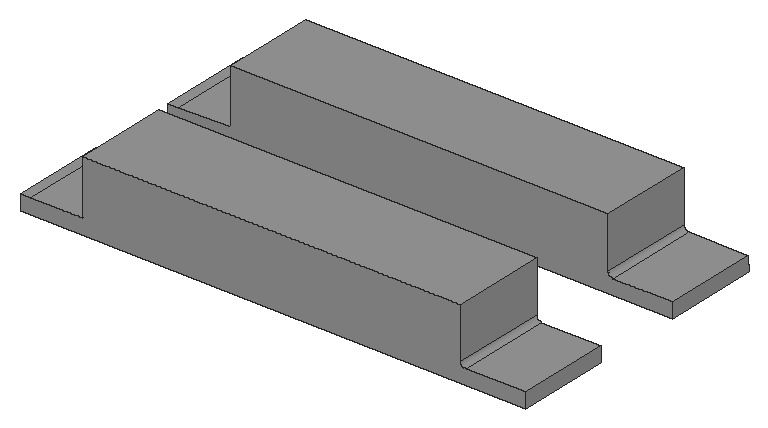
Revit family "AlarmsWiredDoorContactSurface", category Security Devices, host Face, Revit 2019
Family settings
  Host = Face
  Maintain Annotation Orientation = Yes
  Round Connector Dimension = Use Diameter
  Part Type = Normal
  Cut with Voids When Loaded = No
  Shared = No
  Room Calculation Point = Yes
Parameters (values of type "BR12")
  URL = "https://docs.verkada.com/docs/intrusion-sensors-overview.pdf#page=10"
  Type Image = BR12.png
  Type Comments = ""
  Model = "BR12"
  Manufacturer = "VERKADA"  # constant formula
  Description = "WIRED DOOR CONTACT - SURFACE MOUNT"
  Default Elevation = 42.0"
Reference planes (in)
  plane 1 "Center (Front/Back)": y = 0
  plane 2: z = 0
  plane 3 "Center (Left/Right)": x = 0
Forms (in)
  Extrusion 1, solid
    sketch origin (0, 0, 0) x (1, 0, 0) y (0, 0, 1)
      loop
        line (-1, 0.05906) -> (-1, 0) -> (1, 0) -> (1, 0.05906) -> (0.76378, 0.05906)
        arc (0.76378, 0.05906) -> (0.74986, 0.06482) -> (0.74409, 0.07874) r 0.01969
        line (0.74409, 0.07874) -> (0.74409, 0.27953) -> (-0.75197, 0.27953) -> (-0.75197, 0.06299) -> (-0.96063, 0.05906) -> (-1, 0.05906)
    from 0.17774 to 0.55175
  Extrusion 2, solid
    sketch origin (0, 0.72949, 0) x (1, 0, 0) y (0, 0, 1)
      loop
        line (-1, 0.05906) -> (-1, 0) -> (1, 0) -> (1, 0.05906) -> (0.76378, 0.05906)
        arc (0.76378, 0.05906) -> (0.74986, 0.06482) -> (0.74409, 0.07874) r 0.01969
        line (0.74409, 0.07874) -> (0.74409, 0.27953) -> (-0.75197, 0.27953) -> (-0.75197, 0.06299) -> (-0.96063, 0.05906) -> (-1, 0.05906)
    from 0.17774 to 0.55175
Dimensions and locks (in)
  aligned and locked: plane 2 to host face
  aligned and locked: level to host face
Nested families (in)
  nested 1: "PlanSymbol_DoorSensor" at (0, 0, 0), type "Standard"
Connectors (in)
  electrical at (0, 0, 0)
    settings: index 2, voltage 0 V, apparent load 0 VA, apparent load phase1 0 VA, apparent load phase2 0 VA, apparent load phase3 0 VA, power factor 1, load classification "Other", number of poles 1, system type 10, power factor state 1, is connector primary yes, connector utility no, sub classification motor no, connector description ""
Definition of nested family "PlanSymbol_DoorSensor"
  Reference planes (in)
    plane 1: y = 0
    plane 2: x = 0
  Lines and regions (in)
    Masking region 1
      outline origin (0, 0, 0) x (1, 0, 0) y (0, 1, 0)
        loop
          line (0.08563, 0.04134) -> (0.12067, 0.04134)
          arc (0.12067, 0.04134) -> (0, 0.12756) -> (-0.12067, 0.04134) r 0.12756
          line (-0.12067, 0.04134) -> (-0.08563, 0.04134) -> (0.08563, 0.04134)
    Masking region 2
      outline origin (0, 0, 0) x (1, 0, 0) y (0, 1, 0)
        loop
          line (-0.08563, 0.04134) -> (-0.12067, 0.04134)
          arc (-0.12067, 0.04134) -> (-0.12756, 0) -> (-0.12067, -0.04134) r 0.12756
          line (-0.12067, -0.04134) -> (-0.08563, -0.04134) -> (0.08563, -0.04134) -> (0.12067, -0.04134)
          arc (0.12067, -0.04134) -> (0.12756, 0) -> (0.12067, 0.04134) r 0.12756
          line (0.12067, 0.04134) -> (0.08563, 0.04134) -> (-0.08563, 0.04134)
    Masking region 3
      outline origin (0, 0, 0) x (0, -1, 0) y (1, 0, 0)
        loop
          line (0.04134, 0.08563) -> (0.04134, -0.08563) -> (0.04134, -0.12067)
          arc (0.04134, -0.12067) -> (0.12756, 0) -> (0.04134, 0.12067) r 0.12756
          line (0.04134, 0.12067) -> (0.04134, 0.08563)
